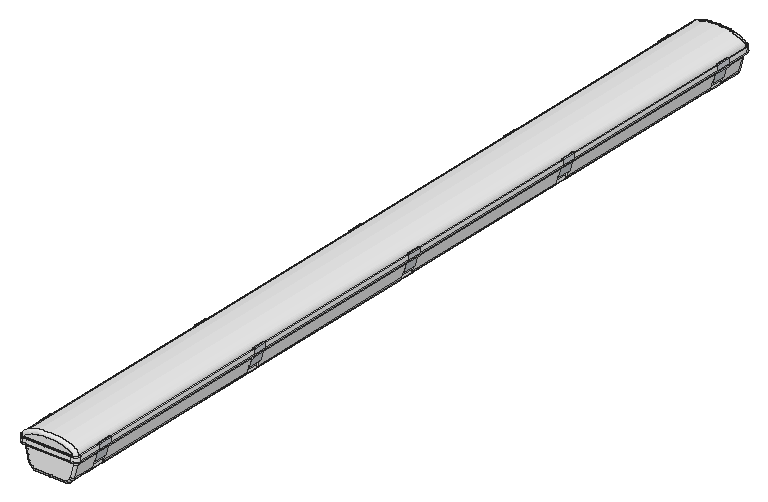
Revit family "0067956 Sylvania Lighting Fixture START Waterproof Twin 1500 IP65 7100lm 840", category Lighting Fixtures, host Face, Revit 2016
Family settings
  Host = Face
  Part Type = Normal
  Round Connector Dimension = Use Diameter
  OmniClass Number = 23.80.70.11.14
  OmniClass Title = General Luminaries, Directional
  Cut with Voids When Loaded = No
  Light Source = Yes
  Shared = No
  Room Calculation Point = No
Parameters (values of type "0067956 ST WTRPRF T 1500 IP65 7100LM 840")
  Width = 110 mm
  Weight = "2.42 kg"
  Wattage Comments = "n/a"
  Wattage = 58 W
  WarrantyStartDate [instance] = "n/a"
  WarrantyGuarantorParts = "n/a"
  WarrantyDurationUnit = "n/a"
  WarrantyDurationParts = "n/a"
  WarrantyDescription = "n/a"
  built-in parameter 1150110 = 1 (stored number, unit not read)
  Voltage = 0 V
  URL = "http://www.sylvania-lighting.com"
  TypeName = "START Waterproof Twin 1500 IP65 7100lm 840"
  Type Image = <None>
  Type Comments = "n/a"
  built-in parameter 1114217 = 1 (stored number, unit not read)
  Tilt Angle = -90.00°
  built-in parameter 1150109 = 1 (stored number, unit not read)
  built-in parameter 1150134 = 12
  built-in parameter 1150113 = 1 (stored number, unit not read)
  SerialNumber [instance] = "n/a"
  ReflectorMaterial = none
  PowerFactor = 0
  PowerConsumption = "58 W"
  Photometric Web File = "0067956.ies"
  NominalWidth = 0 mm
  NominalLength = 1578 mm
  NominalHeight = 78 mm
  Name = "START Waterproof Twin 1500 IP65 7100lm 840"
  ModelReference = "START Waterproof Twin 1500 IP65 7100lm 840"
  ModelNumber = "0067956"
  Model = "START Waterproof Twin 1500 IP65 7100lm 840"
  Material = "polycarbonate housing, polycarbonate diffuser"
  ManufacturerName = "Feilo Sylvania"
  Manufacturer = "Feilo Sylvania"
  LuminousEfficacy = "122 lm/W"
  built-in parameter 1150105 = 563.09 (stored number, unit not read)
  Lumens = 7076 lm
  LuminaireType = ""
  built-in parameter 1150115 = 1 (stored number, unit not read)
  LightOutputRatio = "n/a"
  built-in parameter 1150137 = (empty or 0)
  built-in parameter 1150139 = (empty or 0)
  Length = 1572 mm
  LampsType = Lamp  # "LED"
  LampNominalLuminous = "7050 lm"
  LampMacAdamStep = "n/a"
  LampColourTemperature = "4000 K"
  LampColourRenderingIndex = "80"
  built-in parameter 1150112 = 1 (stored number, unit not read)
  built-in parameter 1150114 = 1 (stored number, unit not read)
  Lamp = "LED"
  Keynote = "16500"
  InstallationDate [instance] = "n/a"
  InputVoltage = "n/a"
  InputNominalFrequency = "n/a"
  built-in parameter 1150132 = (empty or 0)
  built-in parameter 1150102 = (empty or 0)
  built-in parameter 1150107 = 4000 (stored number, unit not read)
  built-in parameter 1150138 = (empty or 0)
  IngressProtection = "IP65"
  ImpactProtectionIndex = "IK08"
  built-in parameter 1150106 = 5.6309 (stored number, unit not read)
  IfcExportType = "IfcLightFixtureType"
  IfcExportAs = "IfcLightFixtureType"
  ExpectedLife = 50000
  Emit from Rectangle Width = Width - 20 mm  # 90 mm
  Emit from Rectangle Length = Length - 20 mm  # 1552 mm
  Emit Shape Visible in Rendering = no
  ElectricShockClassification = "Class I"
  built-in parameter 1150104 = 11.334 (stored number, unit not read)
  DurationUnit = "hours"
  DocumentationLiterature = "http://www.sylvania-lighting.com/product/en-int/products/0067956"
  DimmingControlOptions = "n/a"
  Dimming Lamp Color Temperature Shift = <None>
  DiffuserMaterial = Diffuser-Sylvania-Transparent
  Description = "Start Waterproof, integrated LED weatherproof luminaire, with UV stabilized flat diffuser and linear prisms designed to achieve uniform lit appearance, optimise light output and to reduce glare, stainless steel diffuser clips and fixing brackets for surface mounting. Polycarbonate housing, Polycarbonate diffuser, 7050lm, 58W, 122lm/W, 4000K, drive current 700mA, Non dimmable,  CRI80, IP65, IK08, Class I,  nominal average life (h):50000, 1578mm x 110mm x 78mm ,energy class: A++ A+ A"
  Default Elevation = 1219.2 mm
  CreatedOn = "11/27/2018"
  CreatedBy = "@sylvania-lighting.com"
  Cost = 0
  Color Filter = 16777215
  built-in parameter 1114216 [instance] = (empty or 0)
  ClassificationValue = "EF_70_80"
  ClassificationName = "Uniclass2015"
  BodyMaterial = Body-Sylvania-Gray
  BarCode [instance] = "n/a"
  built-in parameter 1114218 = 1 (stored number, unit not read)
  built-in parameter 1150133 = 10 (stored number, unit not read)
  AssetType = "Fixed"
  AssetIdentifier [instance] = "n/a"
  Assembly Code = "D5020200"
  Apparent Load = 58 VA
  AccessoryMaterial = Diffuser-Sylvania-Glow
Reference planes
  plane 1 "Center (Front/Back)": y = 0
  plane 2: z = 0
  plane 3 "Center (Left/Right)": x = 0
  plane 4: z = 54
  plane 5: x = -27.7
  plane 6: x = -34.8
  plane 7: x = -39.6
  plane 8: x = -42.2
  plane 9: z = 3
  plane 10: z = 7.8
  plane 11: z = 12.3
  plane 12: z = 36.6
  plane 13: z = 42.8
  plane 14: x = -51.1
  plane 15: z = 46.2
  plane 16: x = -55
  plane 17: y = 786
  plane 18: y = -786
  plane 19: x = 27.7
  plane 20: x = 34.8
  plane 21: x = 39.6
  plane 22: x = 42.2
  plane 23: x = 51.1
  plane 24: x = 55
  plane 25: y = 778.4
  plane 26: y = -778.4
  plane 27: y = -774.7
  plane 28: y = 774.7
  plane 29: z = 74
  plane 30: x = -51.5
  plane 31: x = 51.5
  plane 32: z = 55.2
  plane 33: y = -782.5
  plane 34: y = 782.5
  plane 35: x = -37.5
  plane 36: x = 37.5
  plane 37: x = -48.7
  plane 38: x = 48.7
  plane 39: x = 18
  plane 40: x = -18
  plane 41: z = 50.2
  plane 42: z = 24.6
  plane 43: y = 720
  plane 44: y = 706
  plane 45: y = 734
  plane 46: y = -720
  plane 47: y = 720
  plane 48: y = 706
  plane 49: y = 734
  plane 50: y = -720
  plane 51: y = -734
  plane 52: y = -706
  plane 53: y = 360
  plane 54: y = 346
  plane 55: y = 374
  plane 56: y = 0
  plane 57: y = -14
  plane 58: y = 14
  plane 59: y = -360
  plane 60: y = -374
  plane 61: y = -346
Forms (mm)
  Sweep 1, solid, material "Body-Sylvania-Gray" <- "BodyMaterial", detail levels medium+fine
    path origin (1223.4, -4572, 54) x (0, -1, 0) y (1, 0, 0)
      loop
        arc (-3796, -1278.4) -> (-3788.929, -1275.471) -> (-3786, -1268.4) r 10
        line (-3786, -1268.4) -> (-3786, -1178.4)
        arc (-3786, -1178.4) -> (-3788.929, -1171.329) -> (-3796, -1168.4) r 10
        line (-3796, -1168.4) -> (-5348, -1168.4)
        arc (-5348, -1168.4) -> (-5355.071, -1171.329) -> (-5358, -1178.4) r 10
        line (-5358, -1178.4) -> (-5358, -1268.4)
        arc (-5358, -1268.4) -> (-5355.071, -1275.471) -> (-5348, -1278.4) r 10
        line (-5348, -1278.4) -> (-3796, -1278.4)
    profile origin (-55, 0, 54) x (-1, 0, 0) y (0, 0, 1)
      loop
        line (0, 0) -> (-1, 0) -> (-1, -7.726)
        arc (-1, -7.726) -> (-1.994, -9.498) -> (-3.9, -10.2) r 2.937
        line (-3.9, -10.2) -> (-8.571, -10.2) -> (-8.571, -11.2) -> (-3.9, -11.2)
        arc (-3.9, -11.2) -> (-1.313, -10.231) -> (0, -7.8) r 3.937
        line (0, -7.8) -> (0, 0)
  Sweep 2, solid, material "Body-Sylvania-Gray" <- "BodyMaterial", detail levels medium+fine
    path origin (0, 0, 0) x (1, 0, 0) y (0, 0, 1)
      loop
        line (48.7, 42.8) -> (48.7, 36.6) -> (42.203, 12.31)
        arc (42.203, 12.31) -> (41.199, 9.884) -> (39.6, 7.8) r 10.052
        line (39.6, 7.8) -> (34.8, 3)
        arc (34.8, 3) -> (31.554, 0.781) -> (27.7, 0) r 9.902
        line (27.7, 0) -> (0, 0) -> (-27.7, 0)
        arc (-27.7, 0) -> (-31.554, 0.781) -> (-34.8, 3) r 9.902
        line (-34.8, 3) -> (-39.6, 7.8)
        arc (-39.6, 7.8) -> (-41.199, 9.884) -> (-42.203, 12.31) r 10.052
        line (-42.203, 12.31) -> (-48.7, 36.6) -> (-48.7, 42.8)
    profile origin (0, 0, 0) x (0, 0, -1) y (0, -1, 0)
      loop
        arc (0, 773.4) -> (-1.464, 776.936) -> (-5, 778.4) r 5
        line (-5, 778.4) -> (-7.8, 778.4) -> (-7.8, -778.4) -> (-5, -778.4)
        arc (-5, -778.4) -> (-1.464, -776.936) -> (0, -773.4) r 5
        line (0, -773.4) -> (0, 773.4)
  Extrusion 3, solid, material "Body-Sylvania-Gray" <- "BodyMaterial", detail levels medium+fine
    sketch origin (1524, 778.4, 1219.2) x (1, 0, 0) y (0, 0, 1)
      loop
        arc (-1558.668, -1204.874) -> (-1558.443, -1205.418) -> (-1558.085, -1205.885) r 2.252
        line (-1558.085, -1205.885) -> (-1553.231, -1210.738)
        arc (-1553.231, -1210.738) -> (-1552.534, -1211.227) -> (-1551.7, -1211.4) r 2.102
        line (-1551.7, -1211.4) -> (-1496.3, -1211.4)
        arc (-1496.3, -1211.4) -> (-1495.466, -1211.227) -> (-1494.769, -1210.738) r 2.102
        line (-1494.769, -1210.738) -> (-1489.915, -1205.885)
        arc (-1489.915, -1205.885) -> (-1489.557, -1205.418) -> (-1489.332, -1204.874) r 2.252
        line (-1489.332, -1204.874) -> (-1483.1, -1181.575) -> (-1483.1, -1176.4) -> (-1564.9, -1176.4) -> (-1564.9, -1181.575) -> (-1558.668, -1204.874)
    from 0 to 1556.8
  Sweep 4, solid, material "Diffuser-Sylvania-Transparent" <- "DiffuserMaterial", detail levels medium+fine
    path origin (0, 0, 0) x (1, 0, 0) y (0, 0, 1)
      loop
        spline (-51.5, 55.2) -> (-49.745, 60.066) -> (-44.6, 64.6) -> (-36.416, 68.494) -> (-25.75, 71.481) -> (-13.329, 73.359) -> (0, 74) -> (13.329, 73.359) -> (25.75, 71.481) -> (36.416, 68.494) -> (44.6, 64.6) -> (49.745, 60.066) -> (51.5, 55.2)
    profile origin (51.5, 0, 55.2) x (0, -1, 0) y (1, 0, 0)
      loop
        arc (782.5, -5.5) -> (780.889, -1.611) -> (777, 0) r 5.5
        line (777, 0) -> (-777, 0)
        arc (-777, 0) -> (-780.889, -1.611) -> (-782.5, -5.5) r 5.5
        line (-782.5, -5.5) -> (-782.5, -6.3) -> (-781.5, -6.3) -> (-781.5, -5.5)
        arc (-781.5, -5.5) -> (-780.182, -2.318) -> (-777, -1) r 4.5
        line (-777, -1) -> (777, -1)
        arc (777, -1) -> (780.182, -2.318) -> (781.5, -5.5) r 4.5
        line (781.5, -5.5) -> (781.5, -6.347) -> (782.5, -6.347) -> (782.5, -5.5)
  Extrusion 5, solid, material "Diffuser-Sylvania-Transparent" <- "DiffuserMaterial", detail levels medium+fine
    sketch origin (1524, -782.5, 1219.2) x (1, 0, 0) y (0, 0, 1)
      loop
        line (-1569.653, -1164) -> (-1478.347, -1164)
        spline (-1478.347, -1164) -> (-1478.969, -1162.594) -> (-1482.527, -1159.545) -> (-1489.588, -1156.201) -> (-1499.458, -1153.445) -> (-1511.242, -1151.663) -> (-1524, -1151.049) -> (-1536.758, -1151.663) -> (-1548.542, -1153.445) -> (-1558.412, -1156.201) -> (-1565.473, -1159.545) -> (-1569.031, -1162.594) -> (-1569.653, -1164)
    from 0 to -1
  Extrusion 6, solid, material "Diffuser-Sylvania-Transparent" <- "DiffuserMaterial", detail levels medium+fine
    sketch origin (1524, 782.5, 1219.2) x (1, 0, 0) y (0, 0, 1)
      loop
        spline (-1478.3, -1164) -> (-1478.931, -1162.565) -> (-1482.502, -1159.505) -> (-1489.572, -1156.155) -> (-1499.446, -1153.394) -> (-1511.236, -1151.614) -> (-1524, -1151.007) -> (-1536.764, -1151.614) -> (-1548.554, -1153.394) -> (-1558.428, -1156.155) -> (-1565.498, -1159.505) -> (-1569.069, -1162.565) -> (-1569.7, -1164)
        line (-1569.7, -1164) -> (-1478.3, -1164)
    from 0 to 1
  Extrusion 7, solid, material "Diffuser-Sylvania-Transparent" <- "DiffuserMaterial", detail levels medium+fine
    sketch origin (1223.4, -4572, 55.2) x (0, -1, 0) y (-1, 0, 0)
      loop
        arc (-5353.5, 1177.4) -> (-5352.182, 1174.218) -> (-5349, 1172.9) r 4.5
        line (-5349, 1172.9) -> (-3795, 1172.9)
        arc (-3795, 1172.9) -> (-3791.818, 1174.218) -> (-3790.5, 1177.4) r 4.5
        line (-3790.5, 1177.4) -> (-3790.5, 1269.4)
        arc (-3790.5, 1269.4) -> (-3791.818, 1272.582) -> (-3795, 1273.9) r 4.5
        line (-3795, 1273.9) -> (-5349, 1273.9)
        arc (-5349, 1273.9) -> (-5352.182, 1272.582) -> (-5353.5, 1269.4) r 4.5
        line (-5353.5, 1269.4) -> (-5353.5, 1177.4)
      loop
        line (-5358, 1268.4) -> (-5358, 1178.4)
        arc (-5358, 1178.4) -> (-5355.071, 1171.329) -> (-5348, 1168.4) r 10
        line (-5348, 1168.4) -> (-3796, 1168.4)
        arc (-3796, 1168.4) -> (-3788.929, 1171.329) -> (-3786, 1178.4) r 10
        line (-3786, 1178.4) -> (-3786, 1268.4)
        arc (-3786, 1268.4) -> (-3788.929, 1275.471) -> (-3796, 1278.4) r 10
        line (-3796, 1278.4) -> (-5348, 1278.4)
        arc (-5348, 1278.4) -> (-5355.071, 1275.471) -> (-5358, 1268.4) r 10
    from 0 to 1.2
  Extrusion 8, solid, material "Diffuser-Sylvania-Glow" <- "AccessoryMaterial", detail levels fine
    sketch origin (0, 0, 0) x (1, 0, 0) y (0, 0, 1)
      loop
        circle (-18, 50.2) r 8
      loop
        circle (18, 50.2) r 8
    from -774.7 to 774.7
  Extrusion 9, void
    sketch origin (0, 720, 2343.807) x (0, 0, -1) y (-1, 0, 0)
      loop
        line (2340.807, -37.5) -> (2331.507, -37.5) -> (2319.207, -42.2) -> (2319.207, -48.7) -> (2340.807, -48.7) -> (2340.807, -37.5)
      loop
        line (2340.807, 37.5) -> (2340.807, 48.7) -> (2319.207, 48.7) -> (2319.207, 42.2) -> (2331.507, 37.5) -> (2340.807, 37.5)
    from -14 to 14
  Extrusion 10, solid, material "Body-Sylvania-Gray" <- "BodyMaterial", detail levels coarse
    sketch origin (0, 0, 0) x (1, 0, 0) y (0, 0, 1)
      loop
        line (55, 42.8) -> (55, 55.2) -> (-55, 55.2) -> (-55, 42.791) -> (-42.2, 0) -> (42.2, 0) -> (55, 42.8)
    from -786 to 786
  Extrusion 11, solid, material "Diffuser-Sylvania-Transparent" <- "DiffuserMaterial", detail levels coarse
    sketch origin (0, 0, 0) x (1, 0, 0) y (0, 0, 1)
      loop
        arc (51.5, 55.2) -> (0, 74) -> (-51.5, 55.2) r 79.939
        line (-51.5, 55.2) -> (51.5, 55.2)
    from 778.4 to -778.4
  Extrusion 12, void, not visible
    sketch origin (0, 720, 2343.807) x (0, 0, -1) y (-1, 0, 0)
      loop
        line (2340.807, -37.5) -> (2331.507, -37.5) -> (2319.207, -42.2) -> (2319.207, -48.7) -> (2340.807, -48.7) -> (2340.807, -37.5)
      loop
        line (2340.807, 37.5) -> (2340.807, 48.7) -> (2319.207, 48.7) -> (2319.207, 42.2) -> (2331.507, 37.5) -> (2340.807, 37.5)
    from -14 to 14
  Extrusion 13, void
    sketch origin (0, -720, 2343.807) x (0, 0, -1) y (-1, 0, 0)
      loop
        line (2340.807, -37.5) -> (2331.507, -37.5) -> (2319.207, -42.2) -> (2319.207, -48.7) -> (2340.807, -48.7) -> (2340.807, -37.5)
      loop
        line (2340.807, 37.5) -> (2340.807, 48.7) -> (2319.207, 48.7) -> (2319.207, 42.2) -> (2331.507, 37.5) -> (2340.807, 37.5)
    from -14 to 14
  Extrusion 14, void
    sketch origin (0, 360, 2343.807) x (0, 0, -1) y (-1, 0, 0)
      loop
        line (2340.807, -37.5) -> (2331.507, -37.5) -> (2319.207, -42.2) -> (2319.207, -48.7) -> (2340.807, -48.7) -> (2340.807, -37.5)
      loop
        line (2340.807, 37.5) -> (2340.807, 48.7) -> (2319.207, 48.7) -> (2319.207, 42.2) -> (2331.507, 37.5) -> (2340.807, 37.5)
    from -14 to 14
  Extrusion 15, void
    sketch origin (0, 0, 2343.807) x (0, 0, -1) y (-1, 0, 0)
      loop
        line (2340.807, -37.5) -> (2331.507, -37.5) -> (2319.207, -42.2) -> (2319.207, -48.7) -> (2340.807, -48.7) -> (2340.807, -37.5)
      loop
        line (2340.807, 37.5) -> (2340.807, 48.7) -> (2319.207, 48.7) -> (2319.207, 42.2) -> (2331.507, 37.5) -> (2340.807, 37.5)
    from -14 to 14
  Extrusion 16, void
    sketch origin (0, -360, 2343.807) x (0, 0, -1) y (-1, 0, 0)
      loop
        line (2340.807, -37.5) -> (2331.507, -37.5) -> (2319.207, -42.2) -> (2319.207, -48.7) -> (2340.807, -48.7) -> (2340.807, -37.5)
      loop
        line (2340.807, 37.5) -> (2340.807, 48.7) -> (2319.207, 48.7) -> (2319.207, 42.2) -> (2331.507, 37.5) -> (2340.807, 37.5)
    from -14 to 14
Cuts and joins
  Extrusion 9, Extrusion 13, Extrusion 14, Extrusion 15, Extrusion 16 cuts Sweep 2
  Extrusion 13, Extrusion 14, Extrusion 15, Extrusion 16 cuts Extrusion 3
  joined: Sweep 2, Extrusion 3
  joined: Sweep 4, Extrusion 5, Extrusion 6
Dimensions and locks
  locked: plane 4 to plane 2 at 54
  plane 5 to plane 6 to plane 7 to plane 8 to plane 14 to plane 16 = 7.1 mm locked, 4.8 mm locked, 2.6 mm locked, 8.9 mm, 3.9 mm
  plane 4 to plane 15 to plane 13 to plane 12 to plane 11 to plane 10 to plane 9 = 7.8 mm locked, 3.4 mm, 6.2 mm locked, 24.3 mm locked, 4.5 mm locked, 4.8 mm locked
  equal spacing: plane 18, plane 1 "Center (Front/Back)", plane 17
  "Length": plane 18 to plane 17
  plane 19 to plane 20 to plane 21 to plane 22 to plane 23 to plane 24 = 7.1 mm locked, 4.8 mm locked, 2.6 mm locked, 8.9 mm, 3.9 mm
  equal spacing: plane 24, plane 3 "Center (Left/Right)", plane 16
  "Width": plane 24 to plane 16
  equal spacing: plane 27, plane 1 "Center (Front/Back)", plane 28
  locked: plane 26 to plane 27 at 3.7
  locked: Sweep 1 sketch curve to profile plane at 1
  locked: Sweep 1 sketch curve to plane 13 at 1
  locked: Sweep 1 sketch curve to plane 13 at 3.937  (x2)
  locked: Sweep 1 sketch curve to profile plane at 3.9  (x2)
  locked: plane 29 to plane 4 at 20
  equal spacing: plane 31, plane 3 "Center (Left/Right)", plane 30
  locked: plane 30 to plane 16 at 3.5
  locked: plane 32 to plane 4 at 1.2
  equal spacing: plane 33, plane 1 "Center (Front/Back)", plane 34
  equal spacing: plane 36, plane 3 "Center (Left/Right)", plane 35
  locked: plane 3 "Center (Left/Right)" to plane 35 at 37.5
  locked: plane 34 to plane 17 at 3.5
  equal spacing: plane 38, plane 3 "Center (Left/Right)", plane 37
  locked: plane 37 to plane 16 at 6.3
  equal spacing: plane 25, plane 1 "Center (Front/Back)", plane 26
  locked: plane 17 to plane 25 at 7.6
  locked: Sweep 2 sketch curve to plane 2 at 5  (x2)
  locked: Sweep 2 sketch curve to plane 26 at 5
  locked: plane 25 to Sweep 2 sketch curve at 5
  locked: Sweep 4 sketch curve to plane 31 at 5.5  (x2)
  locked: Sweep 4 sketch curve to plane 34 at 5.5
  plane 33 to Sweep 4 sketch curve = 5.5 mm
  locked: plane 34 to Sweep 4 sketch curve at 1
  locked: Sweep 4 sketch curve to plane 31 at 1
  locked: Sweep 4 sketch curve to Sweep 4 sketch curve at 1
  locked: Sweep 4 sketch curve to plane 31 at 6.347
  locked: Sweep 4 sketch curve to plane 31 at 6.3
  equal spacing: plane 39, plane 3 "Center (Left/Right)", plane 40
  locked: plane 3 "Center (Left/Right)" to plane 40 at 18
  locked: plane 42 to plane 2 at 24.6
  plane 45 to plane 43 to plane 44 = 14 mm locked, 14 mm locked
  locked: plane 17 to plane 43 at 66
  equal spacing: plane 43, plane 1 "Center (Front/Back)", plane 46
  plane 49 to plane 47 to plane 48 = 14 mm locked, 14 mm locked
  plane 52 to plane 50 to plane 51 = 14 mm locked, 14 mm locked  (x2)
  equal spacing: group 1, group 6, group 7, group 8, group 5  (x2)
  equal spacing: group 5, group 8, group 7, group 6, group 1
  plane 55 to plane 53 to plane 54 = 14 mm locked, 14 mm locked  (x2)
  plane 58 to plane 56 to plane 57 = 14 mm locked, 14 mm locked  (x2)
  plane 61 to plane 59 to plane 60 = 14 mm locked, 14 mm locked  (x2)
  plane 43 to plane 53 to plane 1 "Center (Front/Back)" to plane 59 to plane 50 = 360 mm locked, 360 mm locked, 360 mm locked, 360 mm locked
  aligned and locked: plane 2 to host face
  aligned and locked: level to host face
  aligned and locked: plane 16 to Sweep 1 sketch curve
  aligned and locked: Sweep 1 sketch curve to plane 24
  aligned and locked: plane 18 to Sweep 1 sketch curve
  aligned and locked: Sweep 1 sketch curve to plane 13
  aligned and locked: profile plane to Sweep 1 sketch curve
  aligned and locked: plane 3 "Center (Left/Right)" to Sweep 2 sketch curve
  aligned and locked: plane 9 to Sweep 2 sketch curve
  aligned and locked: plane 10 to Sweep 2 sketch curve
  aligned and locked: plane 37 to Sweep 2 sketch curve
  aligned and locked: plane 12 to Sweep 2 sketch curve
  aligned and locked: Sweep 2 sketch curve to level
  aligned and locked: plane 21 to Sweep 2 sketch curve
  aligned and locked: plane 38 to Sweep 2 sketch curve
  aligned and locked: profile plane to Sweep 2 sketch curve
  aligned and locked: plane 25 to Sweep 2 sketch curve
  aligned and locked: Sweep 2 sketch curve to plane 10
  aligned and locked: Extrusion 3 sketch curve to Sweep 2  (x7)
  aligned and locked: Sweep 2 to Extrusion 3 sketch curve
  aligned and locked: Extrusion 3 to plane 25
  aligned and locked: plane 26 to Extrusion 3
  aligned and locked: plane 32 to Sweep 4 sketch curve
  aligned and locked: plane 33 to Sweep 4 sketch curve
  aligned and locked: Sweep 4 to Extrusion 5
  aligned and locked: plane 33 to Extrusion 5
  aligned and locked: Extrusion 5 sketch curve to Sweep 4
  aligned and locked: cut or joined group of Sweep 4, Extrusion 5, Extrusion 6 to Extrusion 6 sketch curve
  aligned and locked: Extrusion 7 sketch curve to cut or joined group of Sweep 4, Extrusion 5, Extrusion 6  (x2)
  aligned and locked: cut or joined group of Sweep 4, Extrusion 5, Extrusion 6 to Extrusion 7 sketch curve  (x2)
  aligned and locked: plane 41 to Extrusion 8 sketch curve  (x2)
  aligned and locked: plane 39 to Extrusion 8 sketch curve
  aligned and locked: plane 27 to Extrusion 8
  aligned and locked: Extrusion 8 to plane 28
  aligned and locked: Extrusion 9 to plane 42
  aligned and locked: plane 9 to Extrusion 9
  aligned and locked: plane 44 to Extrusion 9
  aligned and locked: Extrusion 9 to plane 45
  aligned and locked: Extrusion 7 sketch curve to Sweep 1  (x4)
  aligned and locked: plane 4 to Extrusion 7
  aligned and locked: Extrusion 7 to plane 32
  aligned and locked: nested 2 to plane 43
  aligned and locked: plane 43 to nested 1
  aligned and locked: Extrusion 10 sketch curve to plane 24
  aligned and locked: Extrusion 10 sketch curve to Extrusion 7
  aligned and locked: plane 8 to Extrusion 10 sketch curve
  aligned and locked: plane 22 to Extrusion 10 sketch curve
  aligned and locked: level to Extrusion 10 sketch curve
  aligned and locked: Extrusion 10 to plane 17
  aligned and locked: plane 18 to Extrusion 10
  aligned and locked: cut or joined group of Sweep 4, Extrusion 5, Extrusion 6 to Extrusion 11 sketch curve
  aligned and locked: Extrusion 11 sketch curve to cut or joined group of Sweep 4, Extrusion 5, Extrusion 6  (x2)
  aligned and locked: plane 31 to Extrusion 11 sketch curve
  aligned and locked: plane 30 to Extrusion 11 sketch curve
  aligned and locked: plane 26 to Extrusion 11
  aligned and locked: Extrusion 11 to plane 25
  aligned and locked: imposter light to plane 29
  aligned and locked: plane 3 "Center (Left/Right)" to imposter light
  aligned and locked: plane 1 "Center (Front/Back)" to imposter light
  aligned and locked: plane 51 to Extrusion 13
  aligned and locked: Extrusion 13 to plane 52
  aligned and locked: plane 54 to Extrusion 14
  aligned and locked: Extrusion 14 to plane 55
  aligned and locked: plane 57 to Extrusion 15
  aligned and locked: Extrusion 15 to plane 58
  aligned and locked: plane 60 to Extrusion 16
  aligned and locked: Extrusion 16 to plane 61
  aligned and locked: nested 3 to plane 53
  aligned and locked: plane 53 to nested 10
  aligned and locked: nested 4 to plane 56
  aligned and locked: plane 56 to nested 9
  aligned and locked: nested 5 to plane 59
  aligned and locked: plane 59 to nested 8
  aligned and locked: nested 6 to plane 50
  aligned and locked: plane 50 to nested 7
Automatic sketch dimensions
  host sketch curve to host sketch curve = 2438.4 mm  (x2)
  plane 17 to Sweep 1 sketch curve = 0 mm
  Sweep 1 sketch curve to plane 28 = 1.3 mm
  Sweep 1 sketch curve to plane 7 = 5.4 mm
  plane 27 to Sweep 1 sketch curve = 1.3 mm  (x2)
  Sweep 1 sketch curve to Sweep 1 sketch curve = 4.671 mm
  Sweep 1 sketch curve to plane 4 = 0 mm
  Sweep 2 sketch curve to plane 7 = 0 mm
  Sweep 2 sketch curve to plane 6 = 0 mm
  Sweep 2 sketch curve to plane 5 = 0 mm
  plane 19 to Sweep 2 sketch curve = 0 mm
  Sweep 2 sketch curve to plane 9 = 0 mm
  plane 20 to Sweep 2 sketch curve = 0 mm
  Sweep 2 sketch curve to plane 12 = 0 mm
  Sweep 2 sketch curve to plane 10 = 0 mm
  Sweep 2 sketch curve to plane 13 = 0 mm  (x2)
  Sweep 2 sketch curve to plane 8 = 0.003 mm
  plane 6 to Sweep 2 sketch curve = 2.308 mm
  plane 20 to Sweep 2 sketch curve = 2.308 mm
  Sweep 2 sketch curve to plane 22 = 0.003 mm
  Sweep 2 sketch curve to plane 11 = 0.01 mm  (x2)
  Extrusion 3 sketch curve to plane 5 = 0 mm
  plane 19 to Extrusion 3 sketch curve = 0 mm
  plane 6 to Extrusion 3 sketch curve = 0.132 mm
  plane 6 to Extrusion 3 sketch curve = 0.715 mm
  Extrusion 3 sketch curve to Extrusion 3 sketch curve = 1.592 mm
  Extrusion 3 sketch curve to plane 10 = 0.662 mm  (x2)
  plane 20 to Extrusion 3 sketch curve = 2.308 mm
  plane 20 to Extrusion 3 sketch curve = 0.715 mm
  plane 20 to Extrusion 3 sketch curve = 0.132 mm
  Sweep 4 sketch curve to plane 30 = 0 mm
  Sweep 4 sketch curve to plane 3 "Center (Left/Right)" = 0 mm
  Sweep 4 sketch curve to Sweep 4 sketch curve = 0 mm  (x2)
  plane 37 to Extrusion 5 sketch curve = 3.047 mm
  Extrusion 5 sketch curve to plane 38 = 3.047 mm
  plane 37 to Extrusion 6 sketch curve = 3 mm
  Extrusion 6 sketch curve to plane 38 = 3 mm
  plane 25 to Extrusion 7 sketch curve = 1.4 mm  (x2)
  Extrusion 7 sketch curve to plane 26 = 1.4 mm  (x2)
  Extrusion 8 sketch curve to plane 40 = 0 mm
  Extrusion 9 sketch curve to Extrusion 9 sketch curve = 0 mm
  Extrusion 9 sketch curve to Extrusion 9 sketch curve = 12.3 mm  (x2)
  Extrusion 9 sketch curve to Extrusion 9 sketch curve = 9.3 mm  (x2)
  Extrusion 9 sketch curve to Extrusion 9 sketch curve = 6.5 mm
  Extrusion 9 sketch curve to Extrusion 9 sketch curve = 4.7 mm  (x2)
  Extrusion 9 sketch curve to Extrusion 9 sketch curve = 75 mm
  Extrusion 9 sketch curve to Extrusion 9 sketch curve = 11.2 mm
  Extrusion 10 sketch curve to plane 13 = 0 mm
  plane 13 to Extrusion 10 sketch curve = 0.009 mm
  Extrusion 11 sketch curve to level = 5.939 mm
  Extrusion 10 sketch curve to plane 16 = 0 mm
  Extrusion 12 sketch curve to Extrusion 12 sketch curve = 0 mm
  Extrusion 12 sketch curve to Extrusion 12 sketch curve = 12.3 mm  (x2)
  Extrusion 12 sketch curve to Extrusion 12 sketch curve = 9.3 mm  (x2)
  Extrusion 12 sketch curve to Extrusion 12 sketch curve = 6.5 mm
  Extrusion 12 sketch curve to Extrusion 12 sketch curve = 4.7 mm  (x2)
  Extrusion 12 sketch curve to Extrusion 12 sketch curve = 75 mm
  Extrusion 12 sketch curve to Extrusion 12 sketch curve = 11.2 mm
  Extrusion 13 sketch curve to Extrusion 13 sketch curve = 0 mm
  Extrusion 13 sketch curve to Extrusion 13 sketch curve = 12.3 mm  (x2)
  Extrusion 13 sketch curve to Extrusion 13 sketch curve = 9.3 mm  (x2)
  Extrusion 13 sketch curve to Extrusion 13 sketch curve = 6.5 mm
  Extrusion 13 sketch curve to Extrusion 13 sketch curve = 4.7 mm  (x2)
  Extrusion 13 sketch curve to Extrusion 13 sketch curve = 75 mm
  Extrusion 13 sketch curve to Extrusion 13 sketch curve = 11.2 mm
  Extrusion 14 sketch curve to Extrusion 14 sketch curve = 0 mm
  Extrusion 14 sketch curve to Extrusion 14 sketch curve = 12.3 mm  (x2)
  Extrusion 14 sketch curve to Extrusion 14 sketch curve = 9.3 mm  (x2)
  Extrusion 14 sketch curve to Extrusion 14 sketch curve = 6.5 mm
  Extrusion 14 sketch curve to Extrusion 14 sketch curve = 4.7 mm  (x2)
  Extrusion 14 sketch curve to Extrusion 14 sketch curve = 75 mm
  Extrusion 14 sketch curve to Extrusion 14 sketch curve = 11.2 mm
  Extrusion 15 sketch curve to Extrusion 15 sketch curve = 0 mm
  Extrusion 15 sketch curve to Extrusion 15 sketch curve = 12.3 mm  (x2)
  Extrusion 15 sketch curve to Extrusion 15 sketch curve = 9.3 mm  (x2)
  Extrusion 15 sketch curve to Extrusion 15 sketch curve = 6.5 mm
  Extrusion 15 sketch curve to Extrusion 15 sketch curve = 4.7 mm  (x2)
  Extrusion 15 sketch curve to Extrusion 15 sketch curve = 75 mm
  Extrusion 15 sketch curve to Extrusion 15 sketch curve = 11.2 mm
  Extrusion 16 sketch curve to Extrusion 16 sketch curve = 0 mm
  Extrusion 16 sketch curve to Extrusion 16 sketch curve = 12.3 mm  (x2)
  Extrusion 16 sketch curve to Extrusion 16 sketch curve = 9.3 mm  (x2)
  Extrusion 16 sketch curve to Extrusion 16 sketch curve = 6.5 mm
  Extrusion 16 sketch curve to Extrusion 16 sketch curve = 4.7 mm  (x2)
  Extrusion 16 sketch curve to Extrusion 16 sketch curve = 75 mm
  Extrusion 16 sketch curve to Extrusion 16 sketch curve = 11.2 mm
  radius of Extrusion 8 sketch curve = 8 mm  (x2)
Nested families
  nested 1: "Clip" at (42.2, 720, 24.6), type "Clip", detail levels fine
  nested 2: "Clip" at (-42.2, 720, 24.6) x (-1, 0, 0) z (0, 0, 1), type "Clip", detail levels fine
  nested 3: "Clip" at (-42.2, 360, 24.6) x (-1, 0, 0) z (0, 0, 1), type "Clip", detail levels fine
  nested 4: "Clip" at (-42.2, 0, 24.6) x (-1, 0, 0) z (0, 0, 1), type "Clip", detail levels fine
  nested 5: "Clip" at (-42.2, -360, 24.6) x (-1, 0, 0) z (0, 0, 1), type "Clip", detail levels fine
  nested 6: "Clip" at (-42.2, -720, 24.6) x (-1, 0, 0) z (0, 0, 1), type "Clip", detail levels fine
  nested 7: "Clip" at (42.2, -720, 24.6), type "Clip", detail levels fine
  nested 8: "Clip" at (42.2, -360, 24.6), type "Clip", detail levels fine
  nested 9: "Clip" at (42.2, 0, 24.6), type "Clip", detail levels fine
  nested 10: "Clip" at (42.2, 360, 24.6), type "Clip", detail levels fine
Connectors
  electrical at (0, 0, 0), driven by "Apparent Load"
    settings: index 1, voltage 230 V, apparent load 58 VA, apparent load phase1 0 VA, apparent load phase2 0 VA, apparent load phase3 0 VA, power factor 0, load classification "Lighting", number of poles 1, system type 30, power factor state 1, is connector primary yes, connector utility no, sub classification motor no, connector description ""
Definition of nested family "Clip"
  Parameters (values of type "Clip")
    URL = "http://www.feilosylvania.com"
    Type Comments = "n/a"
    Model = "n/a"
    Manufacturer = "Feilo Sylvania"
    Keynote = "n/a"
    Description = "n/a"
    Default Elevation = 1219.2 mm
    Cost = 0
    BodyMaterial = none
    Assembly Code = "n/a"
  Reference planes
    plane 1 "Center (Front/Back)": y = 0
    plane 2: z = 0
    plane 3 "Center (Left/Right)": x = 0
    plane 4: x = 3.3
    plane 5: x = 6.5
    plane 6: x = 8.9
    plane 7: x = 12.8
    plane 8: z = 12
    plane 9: z = 18.2
    plane 10: z = 21.6
    plane 11: z = 30.6
    plane 12: x = 9.3
    plane 13: z = 19.2
    plane 14: z = 16.2
    plane 15: x = 10.1
    plane 16: y = 12
    plane 17: y = -12
  Forms (mm)
    Extrusion 1, solid
      sketch origin (-0.8, 0, 0) x (1, 0, 0) y (0, 1, 0)
        loop
          line (-1219.2, 1219.2) -> (-1219.2, -1219.2) -> (1219.2, -1219.2) -> (1219.2, 1219.2) -> (-1219.2, 1219.2)
      from 0 to -304.8
    Extrusion 2, solid
      sketch origin (0, 0, 0) x (1, 0, 0) y (0, 0, 1)
        loop
          line (8.9, 16.2) -> (4.58, 0) -> (0, 0) -> (0, -0.8) -> (5.195, -0.8) -> (9.603, 15.731) -> (13.6, 18.806) -> (13.6, 30.6)
          arc (13.6, 30.6) -> (11.45, 32.75) -> (9.3, 30.6) r 2.15
          line (9.3, 30.6) -> (10.1, 30.6)
          arc (10.1, 30.6) -> (11.45, 31.95) -> (12.8, 30.6) r 1.35
          line (12.8, 30.6) -> (12.8, 19.2) -> (8.9, 16.2)
      from -12 to 12
  Lines and regions (mm)
    reference lines
      curve 1: line (3.3, 0, 0) -> (6.5, 0, 12)
      curve 2: arc (8.9, 0, 18.2) -> (11.488, 0, 19.169) -> (12.8, 0, 21.6) r 3.934
  Dimensions and locks
    plane 7 to plane 6 to plane 5 to plane 4 to plane 3 "Center (Left/Right)" = 3.9 mm locked, 2.4 mm locked, 3.2 mm locked, 3.3 mm locked
    plane 11 to plane 10 to plane 9 to plane 8 to plane 2 = 9 mm locked, 3.4 mm locked, 6.2 mm locked, 12 mm locked
    locked: plane 7 to plane 12 at 3.5
    locked: plane 13 to plane 9 at 1
    locked: plane 9 to plane 14 at 2
    locked: plane 15 to plane 12 at 0.8
    locked: plane 2 to Extrusion 2 sketch curve at 0.8
    locked: Extrusion 2 sketch curve to Extrusion 2 sketch curve at 0.8  (x3)
    locked: plane 7 to Extrusion 2 sketch curve at 1.35
    equal spacing: plane 17, plane 1 "Center (Front/Back)", plane 16
    locked: plane 1 "Center (Front/Back)" to plane 16 at 12
    aligned and locked: plane 2 to Extrusion 1
    aligned and locked: level to Extrusion 1
    aligned and locked: plane 4 to curve 1
    aligned and locked: plane 5 to curve 1
    aligned and locked: plane 6 to curve 2
    aligned and locked: plane 10 to curve 2
    aligned and locked: plane 14 to Extrusion 2 sketch curve
    aligned and locked: plane 13 to Extrusion 2 sketch curve
    aligned and locked: plane 7 to Extrusion 2 sketch curve
    aligned and locked: plane 3 "Center (Left/Right)" to Extrusion 2 sketch curve
    aligned and locked: Extrusion 2 sketch curve to level
    aligned and locked: Extrusion 2 sketch curve to plane 11
    aligned and locked: plane 11 to Extrusion 2 sketch curve
    aligned and locked: Extrusion 2 to plane 16
    aligned and locked: plane 17 to Extrusion 2
  Automatic sketch dimensions
    Extrusion 1 sketch curve to Extrusion 1 sketch curve = 2438.4 mm  (x2)
    curve 2 to plane 7 = 0 mm
    curve 1 to level = 0 mm
    curve 1 to plane 8 = 0 mm
    curve 2 to plane 9 = 0 mm
    plane 6 to curve 2 = 0.002 mm
    Extrusion 2 sketch curve to Extrusion 2 sketch curve = 0 mm
    Extrusion 2 sketch curve to plane 6 = 0 mm
    plane 4 to Extrusion 2 sketch curve = 1.28 mm
